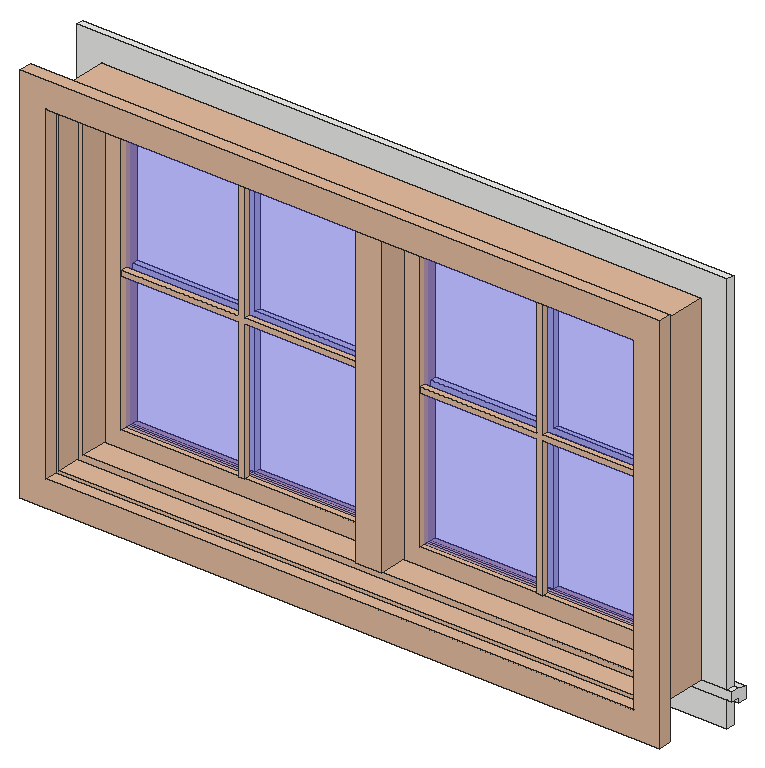
Revit family "M_Janela-toldo-duplo-horizontal", category Janelas, Revit 2019
Family settings
  Hospedeiro = Parede
  Número OmniClass = 23.30.20.17.21.14
  Título OmniClass = Casement Windows
  Sempre na vertical = Sim
  Corte com vazios quando carregada = Não
  Compartilhado = Não
  Ponto de cálculo do ambiente = Não
Parameters (values of type "1400 x 800mm")
  Janela aplicada [instance] = 0 mm
  Espessura da parede [instance] = 150 mm
  Fechamento da parede interior [instance] = 54.75 mm
  Material da apara interior = Madeira – Manchada
  Meia largura = Largura / 2  # 700 mm
  Visual Light Transmittance = 0.81
  Resistência térmica (R) = 0.319569 (m²·K)/W
  Solar Heat Gain Coefficient = 0.76
  Largura bruta = Largura + 15 mm  # 1415 mm
  Altura bruta = Altura + 15 mm  # 815 mm
  Visibilidade do montante = yes
  Padrão do montante = M_Padrão do montante_2x2 : M_Padrão do montante_2x2
  Visibilidade do recorte interior [instance] = yes
  Recorte interior = M_Moldura-janela-interior-plana : Quadro
  Altura = 800 mm
  Material da moldura interior = Madeira – Manchada
  Coeficiente de transferência de calor (U) = 3.12929 W/(m²·K)
  Material do painel de vidro = Vidro
  Extensão do quadro [instance] = if(Visibilidade da apara externa, Janela aplicada + 6.35 mm, 6.35 mm)  # 6.35 mm
  Classificação de incêndio = "0.5h"
  Fechamento da parede externa [instance] = 31.75 mm
  Visibilidade da apara externa [instance] = yes
  Material da apara externa = Revestimento – Branco
  Apara externa = M_Recorte-Janela-Exterior-Plana : com peitoril
  Material da moldura exterior = Revestimento – Branco
  Visibilidade do umbral da extensão [instance] = and(Visibilidade do recorte interior, Espessura da parede - Janela aplicada > 95.25 mm)  # yes
  Umbral da extensão [instance] = if(Espessura da parede - Janela aplicada > 95.25 mm, Espessura da parede - Janela aplicada - 95.25 mm, 25.4 mm)  # 54.75 mm
  Altura-padrão do peitoril = 900 mm
  Fechamento da parede = Por hospedeiro
  Largura = 1400 mm
  Código de montagem = "B2020100"
  Construção analítica = "Vidraça dupla – residencial"
Reference planes
  plane 1 "Centro (Frente/Trás)": y = 0
  plane 2: z = 0
  plane 3 "Centro (Esquerda/Direita)": x = 0
  plane 4 "Esquerda": x = -700
  plane 5 "Direita": x = 700
  plane 6 "Peitoril": z = 900
  plane 7 "Superior": z = 1700
  plane 8 "Inset Face": y = 75
  plane 9 "Fechamento da parede": y = -20.25
  plane 10 "Face do caixilho": y = 87.7
  plane 11 "Exterior": y = 75
  plane 12: x = 687.3
  plane 13: x = -687.3
  plane 14: z = 1687.3
  plane 15: z = 912.7
  plane 16: x = 630.15
  plane 17: x = -630.15
  plane 18: z = 1630.15
  plane 19: z = 969.85
  plane 20: x = 9.525
  plane 21: x = -9.525
  plane 22: y = 55.95
  plane 23 "Vidro": y = 65.475
  plane 24 "Meio": z = 1300
  plane 25: y = 94.05
  plane 26: y = 94.05
  plane 27 "Interior": y = -75
  plane 28 "Umbral": y = -20.25
  plane 29: x = -30.163
  plane 30: x = 30.162
  plane 31: x = 66.675
  plane 32: x = -66.675
  plane 33: y = -20.25
  plane 34: y = 43.25
  plane 35: y = 94.05
Forms (mm)
  Sweep 1, solid, material "Madeira – Manchada" <- "Material da moldura interior"
    path origin (0, 87.7, 0) x (-1, 0, 0) y (0, 0, 1)
      loop
        line (-700, 900) -> (700, 900) -> (700, 1700) -> (-700, 1700) -> (-700, 900)
    profile origin (700, 87.7, 1300) x (1, 0, 0) y (0, 1, 0)
      loop
        line (0, 6.35) -> (-12.7, 6.35) -> (-12.7, -44.45) -> (-31.75, -44.45) -> (-31.75, -107.95) -> (0, -107.95) -> (0, 6.35)
  Extrusion 2, solid, material "Madeira – Manchada" <- "Material da moldura interior", visible <- "Visibilidade do umbral da extensão"
    sketch origin (0, 0, 0) x (1, 0, 0) y (0, 0, 1)
      loop
        line (700, 1700) -> (-700, 1700) -> (-700, 900) -> (700, 900) -> (700, 1700)
      loop
        line (680.95, 919.05) -> (680.95, 1680.95) -> (-680.95, 1680.95) -> (-680.95, 919.05) -> (680.95, 919.05)
    from 20.25 to 75
  Sweep 3, solid, material "Madeira – Manchada" <- "Material da moldura interior"
    path origin (0, 87.7, 0) x (-1, 0, 0) y (0, 0, 1)
      loop
        line (-687.3, 1687.3) -> (-687.3, 912.7) -> (-9.525, 912.7) -> (-9.525, 1687.3) -> (-687.3, 1687.3)
    profile origin (687.3, 87.7, 1300) x (0, 1, 0) y (-1, 0, 0)
      loop
        line (0, 0) -> (0, 57.15) -> (-44.45, 57.15) -> (-44.45, 0) -> (0, 0)
  Sweep 4, solid, material "Madeira – Manchada" <- "Material da moldura interior"
    path origin (0, 87.7, 0) x (-1, 0, 0) y (0, 0, 1)
      loop
        line (9.525, 912.7) -> (687.3, 912.7) -> (687.3, 1687.3) -> (9.525, 1687.3) -> (9.525, 912.7)
    profile origin (-9.525, 87.7, 1300) x (1, 0, 0) y (0, 1, 0)
      loop
        line (0, 0) -> (-57.15, 0) -> (-57.15, -44.45) -> (0, -44.45) -> (0, 0)
  Extrusion 5, solid, material "Vidro"
    sketch origin (0, 0, 900) x (0, -1, 0) y (1, 0, 0)
      loop
        line (-75, 66.675) -> (-68.65, 66.675) -> (-68.65, 630.15) -> (-75, 630.15) -> (-75, 66.675)
      loop
        line (-55.95, 630.15) -> (-62.3, 630.15) -> (-62.3, 66.675) -> (-55.95, 66.675) -> (-55.95, 630.15)
    from 69.85 to 730.15
  Extrusion 6, solid, material "Vidro"
    sketch origin (-701.675, 0, 900) x (0, -1, 0) y (1, 0, 0)
      loop
        line (-75, 71.525) -> (-68.65, 71.525) -> (-68.65, 635) -> (-75, 635) -> (-75, 71.525)
      loop
        line (-55.95, 635) -> (-62.3, 635) -> (-62.3, 71.525) -> (-55.95, 71.525) -> (-55.95, 635)
    from 69.85 to 730.15
  Extrusion 7, solid, material "Madeira – Manchada" <- "Material da moldura interior"
    sketch origin (0, 0, 900) x (0, -1, 0) y (1, 0, 0)
      loop
        line (-94.05, -9.525) -> (-43.25, -9.525) -> (-43.25, -30.163) -> (20.25, -30.163) -> (20.25, 30.162) -> (-43.25, 30.162) -> (-43.25, 9.525) -> (-94.05, 9.525) -> (-94.05, -9.525)
    from 12.7 to 787.3
  Extrusion 8, void
    sketch origin (0, 0, 0) x (1, 0, 0) y (0, 0, 1)
      loop
        line (30.162, 931.75) -> (-30.163, 931.75) -> (-30.163, 912.7) -> (30.162, 912.7) -> (30.162, 931.75)
      loop
        line (30.162, 1668.25) -> (30.162, 1687.3) -> (-30.163, 1687.3) -> (-30.163, 1668.25) -> (30.162, 1668.25)
    from -43.25 to 20.25
Cuts and joins
  Extrusion 8 cuts Extrusion 7
Lines and regions (mm)
  Opening 1
    outline origin (-1524, -75, 0) x (1, 0, 0) y (0, 0, 1)
      loop
        line (824, 1700) -> (824, 900) -> (2224, 900) -> (2224, 1700) -> (824, 1700)
  Split face 1
    outline origin (630.15, 87.7, 969.85) x (-1, 0, 0) y (0, -1, 0)
      loop
        line (563.475, 12.7) -> (0, 12.7)
  Split face 2
    outline origin (630.15, 87.7, 1630.15) x (0, 0, -1) y (0, -1, 0)
      loop
        line (0, 12.7) -> (660.3, 12.7)
  Split face 3
    outline origin (66.675, 87.7, 969.85) x (0, 0, 1) y (0, -1, 0)
      loop
        line (660.3, 12.7) -> (0, 12.7)
  Split face 4
    outline origin (66.675, 87.7, 1630.15) x (0, -1, 0) y (1, 0, 0)
      loop
        line (12.7, 0) -> (12.7, 563.475)
  Split face 5
    outline origin (-630.15, 43.25, 969.85) x (1, 0, 0) y (0, 1, 0)
      loop
        line (0, 31.75) -> (563.475, 31.75)
  Split face 6
    outline origin (-66.675, 43.25, 969.85) x (0, 0, 1) y (0, 1, 0)
      loop
        line (660.3, 31.75) -> (0, 31.75)
  Split face 7
    outline origin (-630.15, 43.25, 1630.15) x (0, 0, -1) y (0, 1, 0)
      loop
        line (660.3, 31.75) -> (0, 31.75)
  Split face 8
    outline origin (-66.675, 43.25, 1630.15) x (0, 1, 0) y (-1, 0, 0)
      loop
        line (31.75, 563.475) -> (31.75, 0)
  symbolic lines, style "Giro da elevação"
    curve 1: line (9.525, 0, 1687.3) -> (687.3, 0, 1300)
    curve 2: line (687.3, 0, 1300) -> (9.525, 0, 912.7)
    curve 3: line (-9.525, 0, 1687.3) -> (-687.3, 0, 1300)
    curve 4: line (-687.3, 0, 1300) -> (-9.525, 0, 912.7)
Text (mm)
  text "EXTERIOR" at (-1490.695, 1293.036, 0), in view "Nível de referência"
  text "INTERIOR" at (-1490.695, -959.266, 0), in view "Nível de referência"
  text "Exterior" at (0, 1108.87, 3129.179), in view "Esquerda"
  text "Exterior" at (0, 464.664, 3176.206), in view "Direita"
Dimensions and locks
  equal spacing: plane 4 "Esquerda", plane 3 "Centro (Esquerda/Direita)", plane 5 "Direita"
  "Largura": plane 4 "Esquerda" to plane 5 "Direita"
  "Altura": plane 6 "Peitoril" to plane 7 "Superior"
  "Altura-padrão do peitoril": plane 2 to plane 6 "Peitoril"
  locked: plane 10 "Face do caixilho" to plane 8 "Inset Face" at 12.7
  "Espessura da parede": host wall to host wall
  "Janela aplicada": plane 11 "Exterior" to plane 8 "Inset Face"
  locked: Sweep 1 sketch curve to plane 5 "Direita" at 31.75
  locked: Sweep 1 sketch curve to plane 5 "Direita" at 12.7
  locked: plane 10 "Face do caixilho" to Sweep 1 sketch curve at 44.45
  locked: plane 12 to plane 5 "Direita" at 12.7
  locked: plane 4 "Esquerda" to plane 13 at 12.7
  locked: plane 14 to plane 7 "Superior" at 12.7
  locked: plane 6 "Peitoril" to plane 15 at 12.7
  locked: plane 16 to plane 12 at 57.15
  locked: plane 13 to plane 17 at 57.15
  locked: plane 18 to plane 14 at 57.15
  locked: plane 15 to plane 19 at 57.15
  locked: Extrusion 2 sketch curve to plane 7 "Superior" at 19.05
  locked: Extrusion 2 sketch curve to plane 5 "Direita" at 19.05
  locked: Extrusion 2 sketch curve to plane 4 "Esquerda" at 19.05
  locked: plane 6 "Peitoril" to Extrusion 2 sketch curve at 19.05
  equal spacing: plane 21, plane 3 "Centro (Esquerda/Direita)", plane 20
  locked: plane 21 to plane 20 at 19.05
  plane 22 to Sweep 3 = 12.7 mm
  equal spacing: plane 8 "Inset Face", plane 23 "Vidro", plane 22
  locked: plane 8 "Inset Face" to plane 22 at 19.05
  equal spacing: plane 6 "Peitoril", plane 24 "Meio", plane 7 "Superior"
  locked: plane 25 to plane 11 "Exterior" at 19.05
  locked: plane 26 to plane 10 "Face do caixilho" at 6.35
  "Umbral da extensão": plane 28 "Umbral" to plane 27 "Interior"
  locked: plane 8 "Inset Face" to plane 9 "Fechamento da parede" at 95.25
  equal spacing: plane 29, plane 3 "Centro (Esquerda/Direita)", plane 30
  locked: plane 29 to plane 30 at 60.325
  Extrusion 2 to Extrusion 8 = 787.3 mm
  locked: plane 30 to plane 31 at 36.512
  locked: plane 29 to plane 32 at 36.513
  "Fechamento da parede interior": plane 33 to plane 27 "Interior"
  "Fechamento da parede externa": plane 11 "Exterior" to plane 34
  "Extensão do quadro": plane 35 to plane 10 "Face do caixilho"
  aligned and locked: plane 7 "Superior" to Opening 1 sketch curve
  aligned and locked: plane 6 "Peitoril" to Opening 1 sketch curve  (x2)
  aligned and locked: plane 5 "Direita" to Opening 1 sketch curve
  aligned and locked: plane 4 "Esquerda" to Opening 1 sketch curve
  aligned and locked: level to plane 2
  aligned and locked: host wall to plane 11 "Exterior"
  aligned and locked: plane 5 "Direita" to Sweep 1 sketch curve
  aligned and locked: plane 7 "Superior" to Sweep 1 sketch curve
  aligned and locked: Sweep 1 sketch curve to plane 4 "Esquerda"
  aligned and locked: Sweep 1 sketch curve to plane 6 "Peitoril"
  aligned and locked: Extrusion 2 sketch curve to host wall  (x3)
  aligned and locked: plane 7 "Superior" to Extrusion 2 sketch curve
  aligned and locked: host wall to Extrusion 2
  aligned and locked: Sweep 3 sketch curve to plane 12
  aligned and locked: plane 14 to Sweep 3 sketch curve
  aligned and locked: Sweep 3 sketch curve to plane 15
  aligned and locked: plane 16 to Sweep 3 sketch curve
  aligned and locked: Sweep 3 sketch curve to plane 10 "Face do caixilho"
  aligned and locked: plane 20 to Sweep 3 sketch curve
  aligned and locked: plane 21 to Sweep 4 sketch curve
  aligned and locked: plane 15 to Sweep 4 sketch curve
  aligned and locked: Sweep 4 sketch curve to plane 13
  aligned and locked: Sweep 4 sketch curve to plane 14
  aligned and locked: Split face 1 sketch curve to plane 8 "Inset Face"
  aligned and locked: plane 8 "Inset Face" to Split face 2 sketch curve
  aligned and locked: plane 8 "Inset Face" to Split face 3 sketch curve
  aligned and locked: Split face 4 sketch curve to plane 8 "Inset Face"
  aligned and locked: Extrusion 5 sketch curve to plane 8 "Inset Face"
  aligned and locked: plane 16 to Extrusion 5 sketch curve
  aligned and locked: Sweep 3 to Extrusion 5 sketch curve
  aligned and locked: Extrusion 5 sketch curve to plane 22
  aligned and locked: Extrusion 5 sketch curve to plane 16
  aligned and locked: Extrusion 5 sketch curve to Sweep 3
  aligned and locked: plane 18 to Extrusion 5
  aligned and locked: Extrusion 5 to plane 19
  aligned and locked: Extrusion 6 sketch curve to plane 8 "Inset Face"
  aligned and locked: plane 22 to Extrusion 6 sketch curve
  aligned and locked: Sweep 4 to Extrusion 6 sketch curve  (x2)
  aligned and locked: Extrusion 6 sketch curve to plane 17  (x2)
  aligned and locked: plane 19 to nested 1
  aligned and locked: nested 1 to plane 23 "Vidro"
  aligned and locked: plane 23 "Vidro" to nested 2
  aligned and locked: nested 2 to plane 19
  aligned and locked: plane 24 "Meio" to curve 2
  aligned and locked: plane 24 "Meio" to curve 4
  aligned and locked: plane 14 to curve 1
  aligned and locked: plane 14 to curve 3
  aligned and locked: plane 15 to curve 2
  aligned and locked: plane 15 to curve 4
  aligned and locked: plane 18 to Extrusion 6
  aligned and locked: Split face 5 sketch curve to Extrusion 6
  aligned and locked: plane 8 "Inset Face" to Split face 6 sketch curve
  aligned and locked: Split face 7 sketch curve to plane 8 "Inset Face"
  aligned and locked: Split face 8 sketch curve to plane 8 "Inset Face"
  aligned and locked: plane 27 "Interior" to host wall
  aligned and locked: Extrusion 2 to plane 28 "Umbral"
  aligned and locked: plane 9 "Fechamento da parede" to Sweep 1
  aligned and locked: Extrusion 7 sketch curve to plane 26
  aligned and locked: Extrusion 7 to Sweep 1
  aligned and locked: Sweep 1 to Extrusion 8 sketch curve
  aligned and locked: plane 30 to Extrusion 8 sketch curve
  aligned and locked: Extrusion 8 sketch curve to Extrusion 7
  aligned and locked: Extrusion 7 to Extrusion 8 sketch curve
  aligned and locked: Extrusion 8 to Sweep 1
  aligned and locked: Sweep 1 to Extrusion 8
  aligned and locked: plane 9 "Fechamento da parede" to Extrusion 7 sketch curve
  aligned and locked: plane 14 to cut or joined group of Extrusion 7, Extrusion 8
  aligned and locked: nested 3 to plane 11 "Exterior"
  aligned and locked: plane 27 "Interior" to nested 3
  aligned and locked: nested 3 to plane 4 "Esquerda"
  aligned and locked: plane 3 "Centro (Esquerda/Direita)" to nested 4
  aligned and locked: nested 4 to plane 11 "Exterior"
  aligned and locked: nested 3 to plane 7 "Superior"
  aligned and locked: nested 4 to plane 7 "Superior"
  aligned and locked: nested 2 to plane 16
  aligned and locked: nested 1 to plane 17
  aligned and locked: plane 18 to nested 1
  aligned and locked: nested 2 to plane 18
  aligned and locked: nested 2 to plane 31
  aligned and locked: nested 1 to plane 32
  aligned and locked: plane 7 "Superior" to nested 6
  aligned and locked: plane 3 "Centro (Esquerda/Direita)" to nested 6
  aligned and locked: plane 7 "Superior" to nested 5
  aligned and locked: nested 5 to plane 3 "Centro (Esquerda/Direita)"
  aligned and locked: plane 35 to Sweep 1 sketch curve
Automatic sketch dimensions
  Sweep 3 sketch curve to profile plane = 0 mm
  Sweep 3 sketch curve to plane 10 "Face do caixilho" = 44.45 mm
  Sweep 4 sketch curve to plane 10 "Face do caixilho" = 0 mm
  Sweep 4 sketch curve to profile plane = 0 mm
  profile plane to Sweep 4 sketch curve = 57.15 mm
  Sweep 4 sketch curve to plane 10 "Face do caixilho" = 44.45 mm
  Split face 1 sketch curve to Sweep 3 = 0 mm  (x2)
  Sweep 3 to Split face 2 sketch curve = 0 mm
  Split face 2 sketch curve to Sweep 3 = 0 mm
  Split face 3 sketch curve to Sweep 3 = 0 mm
  Sweep 3 to Split face 3 sketch curve = 0 mm
  Split face 4 sketch curve to Sweep 3 = 0 mm  (x2)
  plane 23 "Vidro" to Extrusion 5 sketch curve = 3.175 mm
  Extrusion 5 sketch curve to plane 23 "Vidro" = 3.175 mm
  plane 23 "Vidro" to Extrusion 6 sketch curve = 3.175 mm
  Extrusion 6 sketch curve to plane 23 "Vidro" = 3.175 mm
  plane 13 to curve 4 = 0 mm
  plane 21 to curve 3 = 0 mm
  plane 21 to curve 4 = 0 mm
  plane 20 to curve 2 = 0 mm
  plane 20 to curve 1 = 0 mm
  plane 12 to curve 2 = 0 mm
  Split face 5 sketch curve to Sweep 4 = 0 mm  (x2)
  Split face 6 sketch curve to Sweep 4 = 0 mm
  Sweep 4 to Split face 6 sketch curve = 0 mm
  Sweep 4 to Split face 7 sketch curve = 0 mm
  Split face 7 sketch curve to Sweep 4 = 0 mm
  Split face 8 sketch curve to Sweep 4 = 0 mm  (x2)
  Sweep 1 sketch curve to profile plane = 0 mm
  Sweep 1 sketch curve to Sweep 1 sketch curve = 63.5 mm
  Extrusion 7 sketch curve to plane 29 = 0 mm
  Extrusion 7 sketch curve to plane 21 = 0 mm
  Extrusion 7 sketch curve to plane 20 = 0 mm
  Extrusion 7 sketch curve to plane 30 = 0 mm
  Extrusion 7 sketch curve to plane 22 = 12.7 mm  (x2)
  Extrusion 8 sketch curve to plane 14 = 0 mm
  Extrusion 8 sketch curve to plane 29 = 0 mm
  Extrusion 8 sketch curve to plane 30 = 0 mm
  Extrusion 8 sketch curve to plane 14 = 19.05 mm
Nested families
  nested 1: "M_Padrão do montante_2x2" at (-348.413, 65.475, 969.85), type <- "Padrão do montante", Material externo <- "Material da moldura exterior", Material interior <- "Material da moldura interior", visible <- "Visibilidade do montante", type "M_Padrão do montante_2x2"
    with Largura 563.475 mm, Material interior Madeira – Manchada, Altura 660.3 mm, Material externo Revestimento – Branco
  nested 2: "M_Padrão do montante_2x2" at (348.412, 65.475, 969.85) x (-1, 0, 0) z (0, 0, 1), type <- "Padrão do montante", Material externo <- "Material da moldura exterior", Material interior <- "Material da moldura interior", visible <- "Visibilidade do montante", type "M_Padrão do montante_2x2"
    with Largura 563.475 mm, Material interior Madeira – Manchada, Altura 660.3 mm, Material externo Revestimento – Branco
  nested 3: "M_Plano-toldo" at (-350, 75, 900), Largura <- "Meia largura", Altura <- "Altura", Janela aplicada <- "Janela aplicada", Espessura da parede <- "Espessura da parede", type "M_Plano-toldo"
    with Janela aplicada de 3D 0 mm, Janela aplicada 0 mm, Largura 700 mm, Espessura da parede 150 mm, Linha superior yes, Linha à direita no, Linha à esquerda yes, Altura 800 mm, Linha inferior yes
  nested 4: "M_Plano-toldo" at (350, 75, 900), Largura <- "Meia largura", Altura <- "Altura", Espessura da parede <- "Espessura da parede", Janela aplicada <- "Janela aplicada", type "M_Plano-toldo"
    with Janela aplicada de 3D 0 mm, Janela aplicada 0 mm, Largura 700 mm, Espessura da parede 150 mm, Linha superior yes, Linha à direita yes, Linha à esquerda no, Altura 800 mm, Linha inferior yes
  nested 5: "M_Recorte-Janela-Exterior-Plana" at (0, 75, 1700) x (-1, 0, 0) z (0, 1, 0), visible <- "Visibilidade da apara externa", Material da apara <- "Material da apara externa", Largura da abertura <- "Largura", Altura da abertura <- "Altura", type <- "Apara externa", type "com peitoril"
    with Material da apara Revestimento – Branco, Largura da abertura 1400 mm, Altura da abertura 800 mm
  nested 6: "M_Moldura-janela-interior-plana" at (0, -75, 1700) x (1, 0, 0) z (0, -1, 0), visible <- "Visibilidade do recorte interior", Material da apara <- "Material da apara interior", Largura da abertura <- "Largura", Altura da abertura <- "Altura", type <- "Recorte interior", type "Quadro"
    with Material da apara Madeira – Manchada, Largura da abertura 1400 mm, Altura da abertura 800 mm
Definition of nested family "M_Padrão do montante_2x2"
  Parameters (values of type "M_Padrão do montante_2x2")
    Largura [instance] = 1200 mm
    Espessura = 12.7 mm
    Altura [instance] = 1200 mm
    Material interior [instance] = none
    Material externo [instance] = none
    Distância = 19.05 mm
  Reference planes
    plane 1 "Centro (Frente/Trás)": y = 0
    plane 2: z = 0
    plane 3 "Centro (Esquerda/Direita)": x = 0
    plane 4: z = 1200
    plane 5: x = -600
    plane 6: x = 600
    plane 7: z = 600
    plane 8: y = 9.525
    plane 9: y = 22.225
    plane 10: y = -9.525
    plane 11: y = -22.225
  Forms (mm)
    Extrusion 1, solid, material <- "Material interior", detail levels fine
      sketch origin (0, 0, 0) x (1, 0, 0) y (0, 0, 1)
        loop
          line (-600, 606.35) -> (-600, 593.65) -> (-6.35, 593.65) -> (-6.35, 0) -> (6.35, 0) -> (6.35, 593.65) -> (600, 593.65) -> (600, 606.35) -> (6.35, 606.35) -> (6.35, 1200) -> (-6.35, 1200) -> (-6.35, 606.35) -> (-600, 606.35)
      from 9.525 to 22.225
    Extrusion 2, solid, material <- "Material externo", detail levels fine
      sketch origin (0, 0, 0) x (1, 0, 0) y (0, 0, -1)
        loop
          line (-600, -606.35) -> (-6.35, -606.35) -> (-6.35, -1200) -> (6.35, -1200) -> (6.35, -606.35) -> (600, -606.35) -> (600, -593.65) -> (6.35, -593.65) -> (6.35, 0) -> (-6.35, 0) -> (-6.35, -593.65) -> (-600, -593.65) -> (-600, -606.35)
      from 9.525 to 22.225
  Lines and regions (mm)
    model lines, detail levels medium
      curve 1: line (0, 9.525, 1200) -> (0, 9.525, 0)
      curve 2: line (-600, -9.525, 600) -> (600, -9.525, 600)
      curve 3: line (-600, 9.525, 600) -> (600, 9.525, 600)
      curve 4: line (0, -9.525, 1200) -> (0, -9.525, 0)
  Dimensions and locks
    equal spacing: plane 6, plane 3 "Centro (Esquerda/Direita)", plane 5
    "Largura": plane 6 to plane 5
    "Altura": plane 4 to plane 2
    equal spacing: plane 4, plane 7, plane 2
    locked: plane 3 "Centro (Esquerda/Direita)" to Extrusion 1 sketch curve at 6.35  (x4)
    locked: Extrusion 1 sketch curve to plane 7 at 6.35  (x2)
    locked: plane 7 to Extrusion 1 sketch curve at 6.35  (x2)
    "Espessura": plane 9 to plane 8
    "Espessura": plane 10 to plane 11
    "Distância": plane 8 to plane 10
    equal spacing: plane 8, plane 1 "Centro (Frente/Trás)", plane 10
    aligned and locked: plane 2 to level
    aligned and locked: plane 4 to curve 1
    aligned and locked: plane 5 to curve 2
    aligned and locked: plane 2 to curve 1
    aligned and locked: plane 6 to curve 2
    aligned and locked: Extrusion 1 sketch curve to plane 4
    aligned and locked: Extrusion 1 sketch curve to plane 6
    aligned and locked: Extrusion 1 sketch curve to plane 5
    aligned and locked: Extrusion 1 sketch curve to level
    aligned and locked: Extrusion 1 to plane 11
    aligned and locked: plane 10 to Extrusion 1
    aligned and locked: Extrusion 2 to plane 5
    aligned and locked: plane 6 to Extrusion 2
    aligned and locked: Extrusion 2 to plane 8
    aligned and locked: plane 9 to Extrusion 2
    aligned and locked: Extrusion 2 to plane 2
    aligned and locked: plane 4 to Extrusion 2
    aligned and locked: plane 5 to curve 3
    aligned and locked: plane 6 to curve 3
    aligned and locked: plane 4 to curve 4
    aligned and locked: plane 2 to curve 4
    aligned and locked: plane 8 to curve 3
  Automatic sketch dimensions
    curve 2 to plane 7 = 0 mm
    Extrusion 2 sketch curve to plane 5 = 0 mm
    Extrusion 2 sketch curve to level = 0 mm
    Extrusion 2 sketch curve to plane 4 = 0 mm
    Extrusion 2 sketch curve to plane 6 = 0 mm
    Extrusion 2 sketch curve to plane 3 "Centro (Esquerda/Direita)" = 6.35 mm  (x2)
    plane 3 "Centro (Esquerda/Direita)" to Extrusion 2 sketch curve = 6.35 mm  (x2)
    plane 7 to Extrusion 2 sketch curve = 6.35 mm  (x2)
    Extrusion 2 sketch curve to plane 7 = 6.35 mm  (x2)
    curve 4 to plane 3 "Centro (Esquerda/Direita)" = 0 mm
    curve 4 to level = 0 mm
    curve 4 to plane 4 = 0 mm
    curve 3 to plane 6 = 0 mm
    curve 1 to plane 3 "Centro (Esquerda/Direita)" = 0 mm
    curve 3 to plane 5 = 0 mm
    curve 3 to plane 7 = 0 mm
Definition of nested family "M_Recorte-Janela-Exterior-Plana"
  Parameters (values of type "com peitoril")
    Largura da apara = 60 mm
    Espessura da apara_Quadro = 30 mm
    Espessura da apara_com peitoril = 19.05 mm
    Material da apara [instance] = none
    Espessura do peitoril = 30 mm
    Peitoril = yes
    Quadro = no
    Largura da abertura [instance] = 600 mm
    Altura da abertura [instance] = 900 mm
    Default Elevation = 1200 mm
  Types (2, lengths in mm): name | Peitoril | Quadro
    com peitoril | yes | no
    Quadro | no | yes
  Reference planes
    plane 1 "Centro (Frente/Trás)": y = 0
    plane 2: z = 0
    plane 3 "Centro (Esquerda/Direita)": x = 0
    plane 4: y = 60
    plane 5 "Esquerda": x = -300
    plane 6 "Direita": x = 300
    plane 7 "Inferior": y = -900
    plane 8: y = -930
    plane 9: y = -980.432
    plane 10: x = 360
    plane 11: x = -360
    plane 12: z = 19.05
    plane 13: z = 30
    plane 14: x = 372.7
    plane 15: x = -372.7
    plane 16: y = -920.432
    plane 17: y = -960
    plane 18: z = 12.7
    plane 19: y = -450
    plane 20: z = 38.1
  Forms (mm)
    Extrusion 1, solid
      sketch origin (0, 0, 0) x (1, 0, 0) y (0, 1, 0)
        loop
          line (-361.95, 57.15) -> (-361.95, -993.732) -> (361.95, -993.732) -> (361.95, 57.15) -> (-361.95, 57.15)
      from 0 to -304.8
    Extrusion 2, solid, material <- "Material da apara", visible <- "Peitoril"
      sketch origin (0, 0, 0) x (1, 0, 0) y (0, 1, 0)
        loop
          line (-360, -900) -> (-300, -900) -> (-300, 0) -> (300, 0) -> (300, -900) -> (360, -900) -> (360, 60) -> (-360, 60) -> (-360, -900)
      from 0 to 19.05
    Extrusion 3, solid, material <- "Material da apara", visible <- "Peitoril"
      sketch origin (0, 0, 0) x (0, 1, 0) y (0, 0, 1)
        loop
          line (-902.458, 38.1) -> (-930, 38.1) -> (-930, 19.05) -> (-920.432, 19.05) -> (-920.432, 0) -> (-900, 0) -> (-900, 19.05) -> (-902.458, 38.1)
      from -372.7 to 372.7
    Extrusion 4, solid, material <- "Material da apara", visible <- "Peitoril"
      sketch origin (0, 0, 0) x (1, 0, 0) y (0, 1, 0)
        loop
          line (-360, -920.432) -> (-360, -980.432) -> (360, -980.432) -> (360, -920.432) -> (-360, -920.432)
      from 0 to 19.05
    Extrusion 5, solid, material <- "Material da apara", visible <- "Quadro"
      sketch origin (0, 0, 0) x (1, 0, 0) y (0, 1, 0)
        loop
          line (-300, 0) -> (-300, -900) -> (300, -900) -> (300, 0) -> (-300, 0)
        loop
          line (-360, 60) -> (-360, -960) -> (360, -960) -> (360, 60) -> (-360, 60)
      from 0 to 30
  Dimensions and locks
    equal spacing: plane 5 "Esquerda", plane 3 "Centro (Esquerda/Direita)", plane 6 "Direita"
    "Largura da abertura": plane 5 "Esquerda" to plane 6 "Direita"
    "Altura da abertura": plane 7 "Inferior" to plane 1 "Centro (Frente/Trás)"
    "Espessura do peitoril": plane 7 "Inferior" to plane 8
    "Largura da apara": plane 11 to plane 5 "Esquerda"
    "Largura da apara": plane 6 "Direita" to plane 10
    "Largura da apara": plane 1 "Centro (Frente/Trás)" to plane 4
    locked: plane 15 to plane 11 at 12.7
    locked: plane 10 to plane 14 at 12.7
    locked: plane 16 to plane 8 at 9.568
    "Largura da apara": plane 9 to plane 16
    "Largura da apara": plane 17 to plane 7 "Inferior"
    locked: plane 18 to plane 2 at 12.7
    equal spacing: plane 7 "Inferior", plane 19, plane 1 "Centro (Frente/Trás)"
    locked: plane 20 to plane 12 at 19.05
    "Espessura da apara_com peitoril": plane 12 to plane 2
    "Espessura da apara_Quadro": plane 13 to plane 2
    aligned and locked: plane 2 to Extrusion 1
    aligned and locked: level to Extrusion 1
    aligned and locked: Extrusion 2 sketch curve to plane 5 "Esquerda"
    aligned and locked: Extrusion 2 sketch curve to plane 11
    aligned and locked: plane 7 "Inferior" to Extrusion 2 sketch curve  (x2)
    aligned and locked: plane 1 "Centro (Frente/Trás)" to Extrusion 2 sketch curve
    aligned and locked: plane 10 to Extrusion 2 sketch curve
    aligned and locked: Extrusion 2 sketch curve to plane 6 "Direita"
    aligned and locked: plane 12 to Extrusion 2
    aligned and locked: Extrusion 3 sketch curve to level
    aligned and locked: plane 7 "Inferior" to Extrusion 3 sketch curve
    aligned and locked: Extrusion 3 sketch curve to plane 8
    aligned and locked: plane 15 to Extrusion 3
    aligned and locked: Extrusion 3 to plane 14
    aligned and locked: plane 10 to Extrusion 4 sketch curve
    aligned and locked: Extrusion 4 sketch curve to plane 11
    aligned and locked: plane 16 to Extrusion 4 sketch curve
    aligned and locked: plane 9 to Extrusion 4 sketch curve
    aligned and locked: Extrusion 4 to Extrusion 2
    aligned and locked: Extrusion 2 sketch curve to plane 4
    aligned and locked: plane 1 "Centro (Frente/Trás)" to Extrusion 5 sketch curve
    aligned and locked: Extrusion 5 sketch curve to plane 4
    aligned and locked: Extrusion 5 sketch curve to plane 17
    aligned and locked: plane 7 "Inferior" to Extrusion 5 sketch curve
    aligned and locked: Extrusion 5 sketch curve to plane 6 "Direita"
    aligned and locked: plane 10 to Extrusion 5 sketch curve
    aligned and locked: Extrusion 5 sketch curve to plane 5 "Esquerda"
    aligned and locked: Extrusion 5 sketch curve to plane 11
    aligned and locked: plane 13 to Extrusion 5
    aligned and locked: plane 20 to Extrusion 3
  Automatic sketch dimensions
    Extrusion 1 sketch curve to Extrusion 1 sketch curve = 723.9 mm
    Extrusion 1 sketch curve to Extrusion 1 sketch curve = 1050.882 mm
    Extrusion 3 sketch curve to plane 16 = 0 mm
    Extrusion 3 sketch curve to plane 12 = 0 mm  (x2)
    Extrusion 3 sketch curve to plane 7 "Inferior" = 2.458 mm
    plane 13 to Extrusion 3 sketch curve = 8.1 mm
Definition of nested family "M_Moldura-janela-interior-plana"
  Parameters (values of type "com peitoril")
    Espessura da apara_Quadro = 30 mm
    Largura da apara = 60 mm
    Espessura da apara_com peitoril = 20 mm
    Material da apara [instance] = none
    Espessura do peitoril = 30 mm
    Peitoril = yes
    Quadro = no
    Largura da abertura [instance] = 600 mm
    Altura da abertura [instance] = 900 mm
    Default Elevation = 1200 mm
  Types (2, lengths in mm): name | Peitoril | Quadro
    com peitoril | yes | no
    Quadro | no | yes
  Reference planes
    plane 1 "Centro (Frente/Trás)": y = 0
    plane 2: z = 0
    plane 3 "Centro (Esquerda/Direita)": x = 0
    plane 4: y = 47.3
    plane 5 "Esquerda": x = -300
    plane 6 "Direita": x = 300
    plane 7 "Inferior": y = -900
    plane 8: y = -930
    plane 9: y = -980.432
    plane 10: x = 347.3
    plane 11: x = -347.3
    plane 12: z = 20
    plane 13: z = 30
    plane 14: x = 360
    plane 15: x = -360
    plane 16: y = -920.432
    plane 17: y = -947.3
    plane 18: z = 12.7
    plane 19: x = -287.3
    plane 20: y = -12.7
    plane 21: x = 287.3
    plane 22: y = -887.3
    plane 23: x = -334.6
    plane 24: x = 334.6
    plane 25: y = -450
  Forms (mm)
    Extrusion 1, solid
      sketch origin (0, 0, 0) x (1, 0, 0) y (0, 1, 0)
        loop
          line (-349.25, 44.45) -> (-349.25, -958.85) -> (349.25, -958.85) -> (349.25, 44.45) -> (-349.25, 44.45)
      from 0 to -304.8
    Extrusion 2, solid, material <- "Material da apara", visible <- "Peitoril"
      sketch origin (0, 0, 0) x (1, 0, 0) y (0, 1, 0)
        loop
          line (-334.6, -900) -> (-287.3, -900) -> (-287.3, 0) -> (287.3, 0) -> (287.3, -900) -> (334.6, -900) -> (334.6, 47.3) -> (-334.6, 47.3) -> (-334.6, -900)
      from 0 to 20
    Extrusion 3, solid, material <- "Material da apara", visible <- "Peitoril"
      sketch origin (0, 0, 0) x (0, 1, 0) y (0, 0, 1)
        loop
          line (-912.7, 39.05) -> (-920.432, 39.05) -> (-920.432, 0) -> (-900, 0) -> (-900, 26.35)
          arc (-900, 26.35) -> (-903.72, 35.33) -> (-912.7, 39.05) r 12.7
      from -347.3 to 347.3
    Extrusion 4, solid, material <- "Material da apara", visible <- "Peitoril"
      sketch origin (0, 0, 0) x (1, 0, 0) y (0, 1, 0)
        loop
          line (-334.6, -920.432) -> (-334.6, -980.432) -> (334.6, -980.432) -> (334.6, -920.432) -> (-334.6, -920.432)
      from 0 to 20
    Extrusion 5, solid, material <- "Material da apara", visible <- "Quadro"
      sketch origin (0, 0, 0) x (1, 0, 0) y (0, 1, 0)
        loop
          line (-287.3, -12.7) -> (-287.3, -887.3) -> (287.3, -887.3) -> (287.3, -12.7) -> (-287.3, -12.7)
        loop
          line (-347.3, 47.3) -> (-347.3, -947.3) -> (347.3, -947.3) -> (347.3, 47.3) -> (-347.3, 47.3)
      from 0 to 30
  Dimensions and locks
    equal spacing: plane 5 "Esquerda", plane 3 "Centro (Esquerda/Direita)", plane 6 "Direita"
    "Largura da abertura": plane 5 "Esquerda" to plane 6 "Direita"
    "Altura da abertura": plane 7 "Inferior" to plane 1 "Centro (Frente/Trás)"
    "Espessura do peitoril": plane 7 "Inferior" to plane 8
    "Largura da apara": plane 11 to plane 19
    "Largura da apara": plane 21 to plane 10
    "Largura da apara": plane 20 to plane 4
    "Espessura da apara_com peitoril": plane 12 to plane 2
    locked: plane 15 to plane 11 at 12.7
    locked: plane 10 to plane 14 at 12.7
    locked: plane 16 to plane 8 at 9.568
    "Largura da apara": plane 9 to plane 16
    "Largura da apara": plane 17 to plane 22
    plane 20 to plane 1 "Centro (Frente/Trás)" = 12.7 mm
    plane 5 "Esquerda" to plane 19 = 12.7 mm
    plane 21 to plane 6 "Direita" = 12.7 mm
    plane 22 to plane 7 "Inferior" = 12.7 mm
    locked: plane 11 to plane 23 at 12.7
    locked: plane 24 to plane 10 at 12.7
    equal spacing: plane 7 "Inferior", plane 25, plane 1 "Centro (Frente/Trás)"
    "Espessura da apara_Quadro": plane 13 to plane 2
    locked: Extrusion 3 to plane 12 at 19.05
    locked: plane 12 to Extrusion 3 sketch curve at 19.05
    radius of Extrusion 3 sketch curve = 12.7 mm
    aligned and locked: plane 2 to Extrusion 1
    aligned and locked: level to Extrusion 1
    aligned and locked: plane 7 "Inferior" to Extrusion 2 sketch curve  (x2)
    aligned and locked: plane 1 "Centro (Frente/Trás)" to Extrusion 2 sketch curve
    aligned and locked: plane 12 to Extrusion 2
    aligned and locked: Extrusion 3 sketch curve to level
    aligned and locked: plane 7 "Inferior" to Extrusion 3 sketch curve
    aligned and locked: plane 16 to Extrusion 4 sketch curve
    aligned and locked: plane 9 to Extrusion 4 sketch curve
    aligned and locked: Extrusion 2 sketch curve to plane 4
    aligned and locked: Extrusion 5 sketch curve to plane 4
    aligned and locked: Extrusion 5 sketch curve to plane 17
    aligned and locked: plane 10 to Extrusion 5 sketch curve
    aligned and locked: Extrusion 5 sketch curve to plane 11
    aligned and locked: plane 13 to Extrusion 5
    aligned and locked: Extrusion 5 sketch curve to plane 20
    aligned and locked: Extrusion 5 sketch curve to plane 19
    aligned and locked: Extrusion 5 sketch curve to plane 21
    aligned and locked: plane 22 to Extrusion 5 sketch curve
    aligned and locked: Extrusion 4 to plane 24
    aligned and locked: plane 11 to Extrusion 3
    aligned and locked: Extrusion 3 to plane 10
    aligned and locked: Extrusion 2 sketch curve to plane 21
    aligned and locked: Extrusion 2 sketch curve to plane 24
    aligned and locked: Extrusion 2 sketch curve to plane 19
    aligned and locked: Extrusion 2 sketch curve to plane 23
    aligned and locked: plane 12 to Extrusion 4
  Automatic sketch dimensions
    Extrusion 1 sketch curve to Extrusion 1 sketch curve = 698.5 mm
    Extrusion 1 sketch curve to Extrusion 1 sketch curve = 1003.3 mm
    Extrusion 3 sketch curve to plane 16 = 0 mm
    Extrusion 4 sketch curve to plane 11 = 12.7 mm
    Extrusion 4 sketch curve to plane 24 = 0 mm
Definition of nested family "M_Plano-toldo"
  Parameters (values of type "M_Plano-toldo")
    Janela aplicada [instance] = 50 mm
    Janela aplicada de 3D [instance] = if(Janela aplicada - 12.7 mm < 0 mm, 0 mm, if(Janela aplicada - 12.7 mm < Espessura da parede - 88.9 mm, Janela aplicada - 12.7 mm, Espessura da parede - 88.9 mm))  # 37.3 mm
    Width [instance] = 1200 mm
    Espessura da parede [instance] = 150 mm
    Linha superior [instance] = yes
    Rough Width = 930 mm
    Rough Height = 930 mm
    Linha à direita [instance] = yes
    Linha à esquerda [instance] = yes
    Height [instance] = 1200 mm
    Default Elevation = 1200 mm
    Linha inferior [instance] = yes
    Analytic Construction = "<Nenhum>"
  Reference planes
    plane 1 "Centro (Frente/Trás)": y = 0
    plane 2: z = 0
    plane 3 "Centro (Esquerda/Direita)": x = 0
    plane 4: x = -600
    plane 5: x = 600
    plane 6 "Umbral": y = -126.2
    plane 7: x = -587.3
    plane 8: x = -568.25
    plane 9: y = -37.3
    plane 10: y = -81.75
    plane 11: y = -59.525
    plane 12: x = -530.15
    plane 13: x = 587.3
    plane 14: x = 568.25
    plane 15: x = 530.15
    plane 16 "Janela aplicada": y = -50
    plane 17 "Parede": y = -150
    plane 18: z = 1200
    plane 19: z = 1187.3
    plane 20: z = 12.7
    plane 21: z = 1168.25
    plane 22: z = 31.75
    plane 23: z = 1130.15
    plane 24: z = 69.85
    plane 25: z = 600
  Lines and regions (mm)
    Masking region 1
      outline origin (0, 19.05, 0) x (1, 0, 0) y (0, 1, 0)
        loop
          line (-600, -169.05) -> (600, -169.05) -> (600, -19.05) -> (-600, -19.05) -> (-600, -169.05)
    Masking region 2
      outline origin (0, 0, 0) x (0, 1, 0) y (0, 0, 1)
        loop
          line (-150, 1200) -> (-150, 0) -> (0, 0) -> (0, 1200) -> (-150, 1200)
    symbolic lines
      curve 1: line (-587.3, -81.75, 0) -> (-568.25, -81.75, 0)
      curve 2: line (-568.25, -81.75, 0) -> (-568.25, -126.2, 0)
      curve 3: line (-587.3, -37.3, 0) -> (-587.3, -81.75, 0)
      curve 4: line (-530.15, -37.3, 0) -> (-530.15, -81.75, 0)
      curve 5: line (-530.15, -81.75, 0) -> (-568.25, -81.75, 0)
      curve 6: line (-530.15, -59.525, 0) -> (530.15, -59.525, 0)
      curve 7: line (568.25, -81.75, 0) -> (568.25, -126.2, 0)
      curve 8: line (587.3, -37.3, 0) -> (587.3, -81.75, 0)
      curve 9: line (530.15, -37.3, 0) -> (530.15, -81.75, 0)
      curve 10: line (530.15, -81.75, 0) -> (587.3, -81.75, 0)
      curve 11: line (-600, -126.2, 0) -> (-568.25, -126.2, 0)
      curve 12: line (568.25, -126.2, 0) -> (-568.25, -126.2, 0)
      curve 13: line (0, -81.75, 1168.25) -> (0, -126.2, 1168.25)
      curve 14: line (0, -126.2, 0) -> (0, -126.2, 31.75)
      curve 15: line (0, -37.3, 12.7) -> (0, -81.75, 12.7)
      curve 16: line (0, -81.75, 12.7) -> (0, -81.75, 69.85)
      curve 17: line (0, -81.75, 31.75) -> (0, -126.2, 31.75)
      curve 18: line (0, -37.3, 1200) -> (0, -37.3, 1130.15)
      curve 19: line (0, -37.3, 1130.15) -> (0, -81.75, 1130.15)
      curve 20: line (0, -81.75, 69.85) -> (0, -37.3, 69.85)
      curve 21: line (0, -59.525, 69.85) -> (0, -59.525, 1130.15)
      curve 22: line (0, -81.75, 1187.3) -> (0, -81.75, 1130.15)
      curve 23: line (530.15, -37.3, 0) -> (600, -37.3, 0)
      curve 24: line (530.15, -37.3, 0) -> (-530.15, -37.3, 0)
      curve 25: line (0, -37.3, 69.85) -> (0, -37.3, 0)
      curve 26: line (-530.15, -37.3, 0) -> (-600, -37.3, 0)
      curve 27: line (0, -37.3, 1130.15) -> (0, -37.3, 69.85)
      curve 32: line (568.25, -126.2, 0) -> (600, -126.2, 0)
      curve 33: line (0, -37.3, 1187.3) -> (0, -81.75, 1187.3)
      curve 34: line (0, -126.2, 1168.25) -> (0, -126.2, 1200)
      curve 35: line (0, -126.2, 31.75) -> (0, -126.2, 1168.25)
      curve 36: line (0, -81.75, 1187.3) -> (0, 505.55, 170.067)
      curve 37: arc (0, -81.75, 12.7) -> (0, 222.259, 52.724) -> (0, 505.55, 170.067) r 1174.6
    symbolic lines, visible <- "Linha superior"
      curve 28: line (0, 0, 1200) -> (0, -150, 1200)
    symbolic lines, visible <- "Linha inferior"
      curve 29: line (0, 0, 0) -> (0, -150, 0)
    symbolic lines, visible <- "Linha à esquerda"
      curve 30: line (-600, 0, 0) -> (-600, -150, 0)
    symbolic lines, visible <- "Linha à direita"
      curve 31: line (600, 0, 0) -> (600, -150, 0)
  Dimensions and locks
    "Width": plane 4 to plane 5
    equal spacing: plane 4, plane 3 "Centro (Esquerda/Direita)", plane 5
    plane 4 to plane 7 to plane 8 = 12.7 mm locked, 19.05 mm locked
    equal spacing: plane 9, plane 11, plane 10
    locked: plane 7 to plane 12 at 57.15
    plane 5 to plane 13 to plane 14 = 12.7 mm locked, 19.05 mm locked
    locked: plane 13 to plane 15 at 57.15
    locked: plane 9 to plane 16 "Janela aplicada" at 12.7
    locked: plane 9 to plane 10 at 44.45
    "Espessura da parede": plane 17 "Parede" to plane 1 "Centro (Frente/Trás)"
    "Height": plane 18 to plane 2
    locked: plane 18 to plane 19 at 12.7
    locked: plane 20 to plane 2 at 12.7
    locked: plane 19 to plane 21 at 19.05
    locked: plane 22 to plane 20 at 19.05
    locked: plane 19 to plane 23 at 57.15
    locked: plane 24 to plane 20 at 57.15
    locked: plane 10 to plane 6 "Umbral" at 44.45
    "Janela aplicada de 3D": plane 9 to plane 1 "Centro (Frente/Trás)"
    equal spacing: plane 18, plane 25, plane 2
    locked: plane 10 to curve 36 (angle 30.00°)
    aligned and locked: plane 2 to level
    aligned and locked: curve 2 to plane 8
    aligned and locked: curve 1 to plane 10
    aligned and locked: plane 4 to Masking region 1 sketch curve
    aligned and locked: Masking region 1 sketch curve to plane 5
    aligned and locked: plane 14 to curve 7
    aligned and locked: Masking region 1 sketch curve to plane 17 "Parede"
    aligned and locked: plane 1 "Centro (Frente/Trás)" to Masking region 1 sketch curve
    aligned and locked: Masking region 2 sketch curve to plane 18
    aligned and locked: plane 17 "Parede" to Masking region 2 sketch curve
    aligned and locked: level to Masking region 2 sketch curve
    aligned and locked: plane 6 "Umbral" to curve 14
    aligned and locked: plane 21 to curve 13
    aligned and locked: plane 22 to curve 17  (x2)
    aligned and locked: plane 10 to curve 16  (x2)
    aligned and locked: plane 20 to curve 15
    aligned and locked: curve 18 to plane 9
    aligned and locked: plane 23 to curve 19
    aligned and locked: curve 20 to plane 24
    aligned and locked: plane 11 to curve 21
    aligned and locked: plane 18 to curve 18
    aligned and locked: plane 9 to curve 15
    aligned and locked: plane 9 to curve 3
    aligned and locked: plane 19 to curve 22
    aligned and locked: plane 23 to curve 22
    aligned and locked: plane 9 to curve 24
    aligned and locked: plane 4 to curve 26
    aligned and locked: plane 9 to curve 25
    aligned and locked: plane 2 to curve 25
    aligned and locked: curve 4 to plane 12
    aligned and locked: plane 24 to curve 27
    aligned and locked: plane 1 "Centro (Frente/Trás)" to curve 28
    aligned and locked: plane 17 "Parede" to curve 28
    aligned and locked: curve 28 to plane 18
    aligned and locked: plane 17 "Parede" to curve 29
    aligned and locked: plane 1 "Centro (Frente/Trás)" to curve 29
    aligned and locked: curve 29 to plane 2
    aligned and locked: plane 4 to curve 11
    aligned and locked: plane 17 "Parede" to curve 31
    aligned and locked: curve 31 to plane 5
    aligned and locked: plane 5 to curve 32
    aligned and locked: plane 14 to curve 32
    aligned and locked: curve 32 to plane 6 "Umbral"
    aligned and locked: plane 17 "Parede" to curve 30
    aligned and locked: plane 9 to curve 33
    aligned and locked: plane 10 to curve 33
    aligned and locked: curve 33 to plane 19
    aligned and locked: plane 1 "Centro (Frente/Trás)" to curve 31
    aligned and locked: plane 1 "Centro (Frente/Trás)" to curve 30
    aligned and locked: plane 21 to curve 34
    aligned and locked: curve 35 to plane 6 "Umbral"
    aligned and locked: curve 34 to plane 6 "Umbral"
    aligned and locked: plane 20 to curve 37
    aligned and locked: plane 19 to curve 37
    aligned and locked: plane 10 to curve 37
  Automatic sketch dimensions
    curve 3 to plane 7 = 0 mm
    curve 9 to plane 15 = 0 mm
    curve 8 to plane 10 = 0 mm
    curve 8 to plane 13 = 0 mm
    curve 6 to plane 11 = 0 mm
    Masking region 2 sketch curve to plane 1 "Centro (Frente/Trás)" = 0 mm
Types in the file's own list only (20): name | Meia largura | Transmissão de luz visual | Resistência térmica (R) | Coeficiente de ganho de calor solar | Largura bruta | Altura bruta | Visibilidade do montante | Padrão do montante | Altura | Coeficiente de transferência de calor (U) | Largura
  1200 x 450mm | 600 mm | 0.81 | 0.3196 (m²·K)/W | 0.76 | 1215 mm | 465 mm | Sim | M_Padrão do montante_2x2 | 450 mm | 3.1293 W/(m²·K) | 1200 mm
  1400 x 450mm | 700 mm | 0.81 | 0.3196 (m²·K)/W | 0.76 | 1415 mm | 465 mm | Sim | M_Padrão do montante_2x2 | 450 mm | 3.1293 W/(m²·K) | 1400 mm
  1550 x 450mm | 775 mm | 0.81 | 0.3196 (m²·K)/W | 0.76 | 1565 mm | 465 mm | Sim | M_Padrão do montante_2x2 | 450 mm | 3.1293 W/(m²·K) | 1550 mm
  1800 x 450mm | 900 mm | 0.81 | 0.3196 (m²·K)/W | 0.76 | 1815 mm | 465 mm | Sim | M_Padrão do montante_2x2 | 450 mm | 3.1293 W/(m²·K) | 1800 mm
  1200 x 500mm | 600 mm | 0.81 | 0.3196 (m²·K)/W | 0.76 | 1215 mm | 515 mm | Sim | M_Padrão do montante_2x2 | 500 mm | 3.1293 W/(m²·K) | 1200 mm
  1400 x 500mm | 700 mm | 0.81 | 0.3196 (m²·K)/W | 0.76 | 1415 mm | 515 mm | Sim | M_Padrão do montante_2x2 | 500 mm | 3.1293 W/(m²·K) | 1400 mm
  1550 x 500mm | 775 mm | 0.81 | 0.3196 (m²·K)/W | 0.76 | 1565 mm | 515 mm | Sim | M_Padrão do montante_2x2 | 500 mm | 3.1293 W/(m²·K) | 1550 mm
  1800 x 500mm | 900 mm | 0.81 | 0.3196 (m²·K)/W | 0.76 | 1815 mm | 515 mm | Sim | M_Padrão do montante_2x2 | 500 mm | 3.1293 W/(m²·K) | 1800 mm
  1200 x 600mm | 600 mm | 0.81 | 0.3196 (m²·K)/W | 0.76 | 1215 mm | 615 mm | Sim | M_Padrão do montante_2x2 | 600 mm | 3.1293 W/(m²·K) | 1200 mm
  1400 x 600mm | 700 mm | 0.81 | 0.3196 (m²·K)/W | 0.76 | 1415 mm | 615 mm | Sim | M_Padrão do montante_2x2 | 600 mm | 3.1293 W/(m²·K) | 1400 mm
  1550 x 600mm | 775 mm | 0.81 | 0.3196 (m²·K)/W | 0.76 | 1565 mm | 615 mm | Sim | M_Padrão do montante_2x2 | 600 mm | 3.1293 W/(m²·K) | 1550 mm
  1800 x 600mm | 900 mm | 0.81 | 0.3196 (m²·K)/W | 0.76 | 1815 mm | 615 mm | Sim | M_Padrão do montante_2x2 | 600 mm | 3.1293 W/(m²·K) | 1800 mm
  1200 x 700mm | 600 mm | 0.81 | 0.3196 (m²·K)/W | 0.76 | 1215 mm | 715 mm | Sim | M_Padrão do montante_2x2 | 700 mm | 3.1293 W/(m²·K) | 1200 mm
  1400 x 700mm | 700 mm | 0.81 | 0.3196 (m²·K)/W | 0.76 | 1415 mm | 715 mm | Sim | M_Padrão do montante_2x2 | 700 mm | 3.1293 W/(m²·K) | 1400 mm
  1550 x 700mm | 775 mm | 0.81 | 0.3196 (m²·K)/W | 0.76 | 1565 mm | 715 mm | Sim | M_Padrão do montante_2x2 | 700 mm | 3.1293 W/(m²·K) | 1550 mm
  1800 x 700mm | 900 mm | 0.81 | 0.3196 (m²·K)/W | 0.76 | 1815 mm | 715 mm | Sim | M_Padrão do montante_2x2 | 700 mm | 3.1293 W/(m²·K) | 1800 mm
  1550 x 800mm | 775 mm | 0.81 | 0.3196 (m²·K)/W | 0.76 | 1565 mm | 815 mm | Sim | M_Padrão do montante_2x2 | 800 mm | 3.1293 W/(m²·K) | 1550 mm
  1800 x 800mm | 900 mm | 0.81 | 0.3196 (m²·K)/W | 0.76 | 1815 mm | 815 mm | Sim | M_Padrão do montante_2x2 | 800 mm | 3.1293 W/(m²·K) | 1800 mm
  1550 x 900mm | 775 mm | 0.81 | 0.3196 (m²·K)/W | 0.76 | 1565 mm | 915 mm | Sim | M_Padrão do montante_2x2 | 900 mm | 3.1293 W/(m²·K) | 1550 mm
  1800 x 900mm | 900 mm | 0.81 | 0.3196 (m²·K)/W | 0.76 | 1815 mm | 915 mm | Sim | M_Padrão do montante_2x2 | 900 mm | 3.1293 W/(m²·K) | 1800 mm
